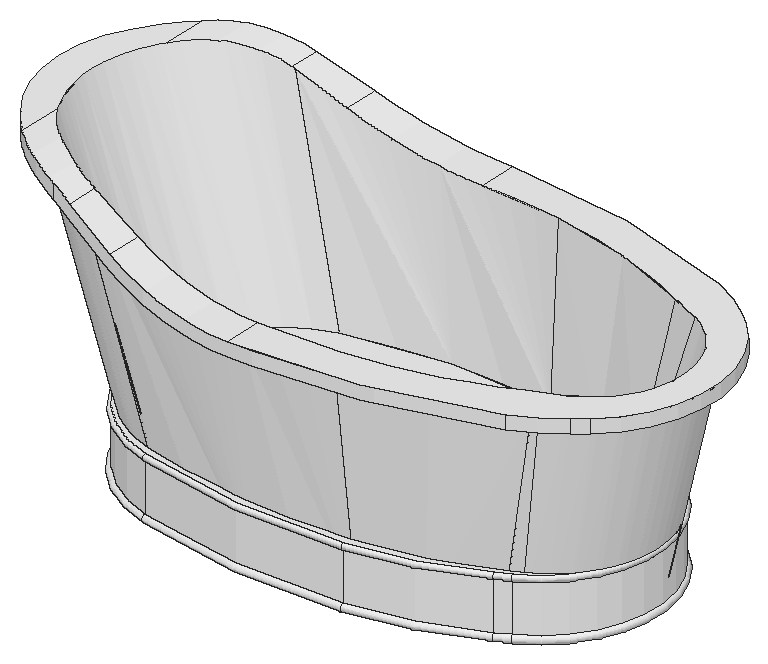
Revit family
Parameters (values of type "D12025004.415")
  Width = 36"
  Waste Connection Radius = 1 1/16"
  Waste Connection Diameter = Waste Connection Radius * 2  # 2 1/8"
  Waste Connection = yes
  WFU = 4
  Vent Connection = no
  URL = "http://www.dxv.com/"
  Revised Date = ""
  Product Page URL = "http://www.dxv.com/en/product/oak-hill-freestanding-soaking-tub#"
  Product Documentation Link = "http://dxv01.blob.core.windows.net/dxv-product-pdf-files/spec_D12025004_DXV_OakHill_freestand_tub_EN.pdf"
  Price = "Prices may vary. Please consult Manufacturer Representative for most up-to-date price list."  # constant formula
  Model = "D12025004"
  Material = "Acrylic-DXV-415-Canvas White"
  Manufacturer = "DXV"
  Length = 66"
  Installation Type = "Floor Mount"
  IAPMO Compliance = "IAPMO Z124"
  Height = 29 3/4"
  HWFU = 3
  HW Connection = yes
  Description = "Freestanding Soaking Tub."
  Default Elevation = 0"
  Creation Date = "12/28/2015"  # constant formula
  CWFU = 3
  CW Connection = yes
  Assembly Code = "D2010510"
  ADA Compliant = no
Reference planes (in)
  plane 1 "Center (Front/Back)": y = 0
  plane 2: z = 0
  plane 3 "Center (Left/Right)": x = 0
  plane 4: z = 29.75
  plane 5: x = -33
  plane 6: x = 33
  plane 7: x = -29.75
  plane 8: x = 29.875
  plane 9: y = 18
  plane 10: y = -18
  plane 11: y = 14.90625
  plane 12: y = -14.90625
  plane 13: x = 16
  plane 14: y = -12.53125
  plane 15: y = 12.53125
  plane 16: x = -22
  plane 17: x = 24.4375
  plane 18: y = 9.78125
  plane 19: y = -9.78125
  plane 20: x = -21.25
  plane 21: x = 25.1875
  plane 22: y = 9.78125
  plane 23: y = -9.78125
  plane 24: y = 0
  plane 25: y = -13.5
  plane 26: y = 8.42494
  plane 27: y = -8.42494
  plane 28: x = 24.75
  plane 29: x = -21.6875
  plane 30: z = 22.74635
  plane 31: z = 20.12135
  plane 32: y = -1.1875
  plane 33: y = 1.1875
Forms (in)
  Extrusion 1, void
    sketch origin (16.15685, 0, 0) x (1, 0, 0) y (0, 1, 0)
      loop
        circle (-0.15685, 0) r 1.0625
    from -31.96802 to 24.98642
  Blend 2, void
    base sketch origin (0, 0, 0) x (1, 0, 0) y (0, 1, 0)
      loop
        arc (-13.49575, 10.95051) -> (-22.02558, 0) -> (-13.49575, -10.95051) r 11.29399
        arc (-13.49575, -10.95051) -> (-3.42819, -12.54432) -> (6.76194, -12.3049) r 56.54746
        arc (6.76194, -12.3049) -> (12.62761, -11.08394) -> (18.17324, -8.81612) r 32.79183
        line (18.17324, -8.81612) -> (19.50719, -8.12221)
        arc (19.50719, -8.12221) -> (24.4375, 0) -> (19.50719, 8.12221) r 9.15543
        line (19.50719, 8.12221) -> (18.17324, 8.81612)
        arc (18.17324, 8.81612) -> (12.62761, 11.08394) -> (6.76194, 12.3049) r 32.79183
        arc (6.76194, 12.3049) -> (-3.42819, 12.54432) -> (-13.49575, 10.95051) r 56.54746
    top sketch origin (0, 0, 0) x (1, 0, 0) y (0, 1, 0)
      loop
        arc (-19.85891, 12.69809) -> (-29.75, 0) -> (-19.85891, -12.69809) r 13.09639
        arc (-19.85891, -12.69809) -> (-6.93233, -14.74452) -> (6.15163, -14.43711) r 72.60602
        arc (6.15163, -14.43711) -> (14.87464, -12.76084) -> (23.24261, -9.78125) r 58.40947
        line (23.24261, -9.78125) -> (27.09351, -8.06992)
        arc (27.09351, -8.06992) -> (32.33817, 0) -> (27.09351, 8.06992) r 8.8309
        line (27.09351, 8.06992) -> (23.24261, 9.78125)
        arc (23.24261, 9.78125) -> (14.87464, 12.76084) -> (6.15163, 14.43711) r 58.40947
        arc (6.15163, 14.43711) -> (-6.93233, 14.74452) -> (-19.85891, 12.69809) r 72.60602
    from 6.62682 to 30.13756
  Blend 3, solid, material "Acrylic-DXV-415-Canvas White", detail levels fine
    base sketch origin (0.75, 0, 0) x (1, 0, 0) y (0, 1, 0)
      loop
        arc (-13.70225, 11.7686) -> (-22.86933, 0) -> (-13.70225, -11.7686) r 12.13774
        arc (-13.70225, -11.7686) -> (-3.48448, -13.38619) -> (6.8577, -13.1432) r 57.39121
        arc (6.8577, -13.1432) -> (12.8743, -11.89082) -> (18.56262, -9.56465) r 33.63558
        line (18.56262, -9.56465) -> (19.89657, -8.87074)
        arc (19.89657, -8.87074) -> (25.28125, 0) -> (19.89657, 8.87074) r 9.99918
        line (19.89657, 8.87074) -> (18.56262, 9.56465)
        arc (18.56262, 9.56465) -> (12.8743, 11.89082) -> (6.8577, 13.1432) r 33.63558
        arc (6.8577, 13.1432) -> (-3.48448, 13.38619) -> (-13.70225, 11.7686) r 57.39121
    top sketch origin (0.75, 0, 0) x (1, 0, 0) y (0, 1, 0)
      loop
        arc (-20.27192, 14.33427) -> (-31.4375, 0) -> (-20.27192, -14.33427) r 14.78389
        arc (-20.27192, -14.33427) -> (-7.0449, -16.42826) -> (6.34316, -16.1137) r 74.29352
        arc (6.34316, -16.1137) -> (15.31818, -14.38901) -> (23.9279, -11.32333) r 60.09697
        line (23.9279, -11.32333) -> (24.31404, -11.15174)
        arc (24.31404, -11.15174) -> (31.56157, 0) -> (24.31404, 11.15174) r 12.20332
        line (24.31404, 11.15174) -> (23.9279, 11.32333)
        arc (23.9279, 11.32333) -> (15.31818, 14.38901) -> (6.34316, 16.1137) r 60.09697
        arc (6.34316, 16.1137) -> (-7.0449, 16.42826) -> (-20.27192, 14.33427) r 74.29352
    from 0.75 to 28.37135
  Extrusion 4, solid, material "Acrylic-DXV-415-Canvas White", detail levels fine
    sketch origin (0, 0, 0) x (1, 0, 0) y (0, 0, 1)
      loop
        line (-33, 29.74635) -> (-33, 28.37135) -> (-27.68477, 28.37135)
        arc (-27.68477, 28.37135) -> (-23.78885, 27.94468) -> (-20.07764, 26.68489) r 18
        line (-20.07764, 26.68489) -> (-15.11227, 24.3695)
        arc (-15.11227, 24.3695) -> (-8.51455, 22.12988) -> (-1.58849, 21.37135) r 32
        line (-1.58849, 21.37135) -> (33, 21.37135) -> (33, 22.74635) -> (-1.58849, 22.74635)
        arc (-1.58849, 22.74635) -> (-8.21695, 23.47229) -> (-14.53117, 25.61568) r 30.625
        line (-14.53117, 25.61568) -> (-19.49654, 27.93107)
        arc (-19.49654, 27.93107) -> (-23.49125, 29.28709) -> (-27.68477, 29.74635) r 19.375
        line (-27.68477, 29.74635) -> (-33, 29.74635)
    from -20.52378 to 20.62754
  Extrusion 5, void
    sketch origin (0, 0, 0) x (1, 0, 0) y (0, 1, 0)
      loop
        arc (-29.75, 9.03125) -> (-33, 0) -> (-29.75, -9.03125) r 14.17323
        line (-29.75, -9.03125) -> (-28.73847, -10.25468)
        arc (-28.73847, -10.25468) -> (-25.50118, -13.17562) -> (-21.56061, -15.0421) r 15
        arc (-21.56061, -15.0421) -> (0.81107, -17.97585) -> (22.91636, -13.45317) r 68.23289
        arc (22.91636, -13.45317) -> (25.22238, -12.32917) -> (27.30315, -10.82867) r 15
        line (27.30315, -10.82867) -> (28.50569, -9.79425)
        arc (28.50569, -9.79425) -> (33, 0) -> (28.50569, 9.79425) r 12.91925
        line (28.50569, 9.79425) -> (27.30315, 10.82867)
        arc (27.30315, 10.82867) -> (25.22238, 12.32917) -> (22.91636, 13.45317) r 15
        arc (22.91636, 13.45317) -> (0.81107, 17.97585) -> (-21.56061, 15.0421) r 68.23289
        arc (-21.56061, 15.0421) -> (-25.50118, 13.17562) -> (-28.73847, 10.25468) r 15
        line (-28.73847, 10.25468) -> (-29.75, 9.03125)
      loop
        line (-39.54137, 22.50847) -> (-39.54137, -23.49153) -> (36.45863, -23.49153) -> (36.45863, 22.50847) -> (-39.54137, 22.50847)
    from 0 to 38.08913
  Extrusion 6, void
    sketch origin (0, 0, 0) x (1, 0, 0) y (0, 0, 1)
      loop
        line (33, 21.74635) -> (33, 35.74635) -> (-33, 35.74635) -> (-33, 28.74635) -> (-27.68477, 28.74635)
        arc (-27.68477, 28.74635) -> (-23.70769, 28.31079) -> (-19.91916, 27.02476) r 18.375
        line (-19.91916, 27.02476) -> (-14.95379, 24.70937)
        arc (-14.95379, 24.70937) -> (-8.43339, 22.49599) -> (-1.58849, 21.74635) r 31.625
        line (-1.58849, 21.74635) -> (33, 21.74635)
    from -22.50847 to 24.89963
  Sweep 7, solid, material "Acrylic-DXV-415-Canvas White", detail levels fine
    path origin (0, 0, 0) x (1, 0, 0) y (0, 1, 0)
      loop
        arc (19.88219, -8.12221) -> (24.8125, 0) -> (19.88219, 8.12221) r 9.15543
        line (19.88219, 8.12221) -> (18.54824, 8.81612)
        arc (18.54824, 8.81612) -> (13.00261, 11.08394) -> (7.13694, 12.3049) r 32.79183
        arc (7.13694, 12.3049) -> (-3.05319, 12.54432) -> (-13.12075, 10.95051) r 56.54746
        arc (-13.12075, 10.95051) -> (-21.65058, 0) -> (-13.12075, -10.95051) r 11.29399
        arc (-13.12075, -10.95051) -> (-3.05319, -12.54432) -> (7.13694, -12.3049) r 56.54746
        arc (7.13694, -12.3049) -> (13.00261, -11.08394) -> (18.54824, -8.81612) r 32.79183
        line (18.54824, -8.81612) -> (19.88219, -8.12221)
    profile origin (24.8125, 0, 0) x (-1, 0, 0) y (0, 0, 1)
      loop
        line (0, 6.1918) -> (-2.36576, 6.1918)
        arc (-2.36576, 6.1918) -> (-2.65391, 5.90366) -> (-2.36576, 5.61551) r 0.28814
        line (-2.36576, 5.61551) -> (-2.36576, 0.75)
        arc (-2.36576, 0.75) -> (-2.74076, 0.375) -> (-2.36576, 0) r 0.375
        line (-2.36576, 0) -> (0, 0) -> (0, 6.1918)
  Extrusion 8, solid, material "Acrylic-DXV-415-Canvas White", detail levels fine
    sketch origin (0, 0, 0) x (1, 0, 0) y (0, 1, 0)
      loop
        arc (-13.12075, 10.95051) -> (-21.65058, 0) -> (-13.12075, -10.95051) r 11.29399
        arc (-13.12075, -10.95051) -> (-3.05319, -12.54432) -> (7.13694, -12.3049) r 56.54746
        arc (7.13694, -12.3049) -> (13.00261, -11.08394) -> (18.54824, -8.81612) r 32.79183
        line (18.54824, -8.81612) -> (19.88219, -8.12221)
        arc (19.88219, -8.12221) -> (24.8125, 0) -> (19.88219, 8.12221) r 9.15543
        line (19.88219, 8.12221) -> (18.54824, 8.81612)
        arc (18.54824, 8.81612) -> (13.00261, 11.08394) -> (7.13694, 12.3049) r 32.79183
        arc (7.13694, 12.3049) -> (-3.05319, 12.54432) -> (-13.12075, 10.95051) r 56.54746
    from 0 to 0.75
  Extrusion 9, void
    sketch origin (0, 21.03956, -4.35127) x (0, 1, 0) y (0, 0, 1)
      loop
        arc (-22.0359, 24.66379) -> (-22.22706, 24.47263) -> (-22.0359, 24.28147) r 0.19116
        line (-22.0359, 24.28147) -> (-20.04323, 24.28147)
        arc (-20.04323, 24.28147) -> (-19.85206, 24.47263) -> (-20.04323, 24.66379) r 0.19116
        line (-20.04323, 24.66379) -> (-22.0359, 24.66379)
      loop
        circle (-22.5359, 24.47263) r 0.125
      loop
        circle (-19.54323, 24.47263) r 0.125
    from 16.46923 to 29.26246
Cuts and joins
  Extrusion 1 cuts Sweep 7
  Extrusion 1, Blend 2, Extrusion 5, Extrusion 6, Extrusion 9 cuts Blend 3
  Extrusion 1, Blend 2, Extrusion 5, Extrusion 9 cuts Extrusion 4
  Extrusion 1, Blend 2, Extrusion 9 cuts Extrusion 8
  joined: Blend 3, Extrusion 4, Extrusion 8
Lines and regions (in)
  Masking region 1
    outline origin (0, 0, 0) x (1, 0, 0) y (0, 1, 0)
      loop
        line (-29.75, -9.03125) -> (-28.73847, -10.25468)
        arc (-28.73847, -10.25468) -> (-25.50118, -13.17562) -> (-21.56061, -15.0421) r 15
        arc (-21.56061, -15.0421) -> (0.81107, -17.97585) -> (22.91636, -13.45317) r 68.23289
        arc (22.91636, -13.45317) -> (25.22238, -12.32917) -> (27.30315, -10.82867) r 15
        line (27.30315, -10.82867) -> (28.50569, -9.79425)
        arc (28.50569, -9.79425) -> (33, 0) -> (28.50569, 9.79425) r 12.91925
        line (28.50569, 9.79425) -> (27.30315, 10.82867)
        arc (27.30315, 10.82867) -> (25.22238, 12.32917) -> (22.91636, 13.45317) r 15
        arc (22.91636, 13.45317) -> (0.81107, 17.97585) -> (-21.56061, 15.0421) r 68.23289
        arc (-21.56061, 15.0421) -> (-25.50118, 13.17562) -> (-28.73847, 10.25468) r 15
        line (-28.73847, 10.25468) -> (-29.75, 9.03125)
        arc (-29.75, 9.03125) -> (-33, 0) -> (-29.75, -9.03125) r 14.17323
  symbolic lines, style "PlumbingFixturesHiddenLines", detail levels medium+fine
    curve 1: circle (16, 0, 0) r 1.0625 normal (0, 0, 1)
    curve 2: arc (24.71438, 8.08371, 0) -> (29.85443, 0, 0) -> (24.71438, -8.08371, 0) r 8.92661
    curve 3: arc (6.3435, 13.76679, 0) -> (14.16828, 12.23365, 0) -> (21.65025, 9.47723, 0) r 50.04489
    curve 4: line (-14.53117, 13.26688, 0) -> (-1.58849, 14.2028, 0)
    curve 5: spline (-19.4928, 12.47502, 0) -> (-19.08085, 12.55198, 0) -> (-18.66859, 12.62696, 0) -> (-18.25604, 12.69994, 0) -> (-17.8432, 12.77092, 0) -> (-17.43009, 12.83992, 0) -> (-17.0167, 12.90691, 0) -> (-16.60305, 12.97191, 0) -> (-16.18915, 13.03491, 0) -> (-15.77501, 13.0959, 0) -> (-15.36062, 13.1549, 0) -> (-14.94601, 13.21189, 0) -> (-14.53117, 13.26688, 0)
    curve 6: line (-27.68477, 6.84548, 0) -> (-19.4928, 12.47502, 0)
    curve 7: arc (-27.68477, -6.84548, 0) -> (-29.62147, 0, 0) -> (-27.68477, 6.84548, 0) r 13.0664
    curve 8: line (-19.49654, -12.47245, 0) -> (-27.68477, -6.84548, 0)
    curve 9: line (-1.58849, -14.2028, 0) -> (-19.49654, -12.47245, 0)
    curve 10: arc (6.3435, -13.76679, 0) -> (2.38392, -14.10149, 0) -> (-1.58849, -14.2028, 0) r 67.5576
    curve 11: arc (21.65025, -9.47723, 0) -> (14.16828, -12.23365, 0) -> (6.3435, -13.76679, 0) r 50.04489
    curve 12: arc (-1.58849, 14.2028, 0) -> (2.38392, 14.10149, 0) -> (6.3435, 13.76679, 0) r 67.5576
    curve 13: line (21.65025, 9.47723, 0) -> (24.71438, 8.08371, 0)
    curve 14: line (24.71438, -8.08371, 0) -> (21.65025, -9.47723, 0)
  symbolic lines, style "PlumbingFixturesHiddenLines", detail levels fine
    curve 15: arc (19.50719, -8.12221, 0) -> (24.4375, 0, 0) -> (19.50719, 8.12221, 0) r 9.15543
    curve 16: arc (18.17324, 8.81612, 0) -> (12.62761, 11.08394, 0) -> (6.76194, 12.3049, 0) r 32.79183
    curve 17: line (19.50719, 8.12221, 0) -> (18.17324, 8.81612, 0)
    curve 18: line (18.17324, -8.81612, 0) -> (19.50719, -8.12221, 0)
    curve 19: arc (6.76194, -12.3049, 0) -> (12.62761, -11.08394, 0) -> (18.17324, -8.81612, 0) r 32.79183
    curve 20: arc (6.76194, 12.3049, 0) -> (-3.42819, 12.54432, 0) -> (-13.49575, 10.95051, 0) r 56.54746
    curve 21: arc (-13.49575, -10.95051, 0) -> (-3.42819, -12.54432, 0) -> (6.76194, -12.3049, 0) r 56.54746
    curve 22: arc (-13.49575, 10.95051, 0) -> (-21.65053, 0, 0) -> (-13.49575, -10.95051, 0) r 11.42974
Dimensions and locks (in)
  plane 4 to plane 2 = 29 3/4"
  "Length": plane 5 to plane 6
  "Height": plane 4 to level
  plane 5 to plane 7 = 3 1/4"
  locked: plane 8 to plane 7 at 59.625
  plane 11 to plane 12 = 29 13/16"
  "Width": plane 9 to plane 10
  plane 13 to plane 6 = 17"
  plane 8 to plane 6 = 3 1/8"
  plane 10 to plane 1 "Center (Front/Back)" = 18"
  plane 32 to plane 33 = 2 3/8"
  plane 31 to plane 30 = 2 5/8"
Automatic sketch dimensions
  plane 1 "Center (Front/Back)" to Extrusion 1 sketch curve = 0"
  Extrusion 1 sketch curve to plane 13 = 0"
  plane 1 "Center (Front/Back)" to Blend 2 sketch curve = 0"  (x4)
  Blend 2 sketch curve to plane 15 = 1.58074"
  plane 29 to Blend 2 sketch curve = 8.19175"
  Blend 2 sketch curve to Blend 2 sketch curve = 0"  (x4)
  Blend 2 sketch curve to plane 14 = 1.58074"
  Blend 2 sketch curve to plane 3 "Center (Left/Right)" = 13.49575"
  Blend 2 sketch curve to plane 3 "Center (Left/Right)" = 10.73158"
  plane 3 "Center (Left/Right)" to Blend 2 sketch curve = 0.34405"  (x2)
  plane 9 to Blend 2 sketch curve = 2.27504"
  plane 3 "Center (Left/Right)" to Blend 2 sketch curve = 3.04021"  (x2)
  plane 10 to Blend 2 sketch curve = 2.27504"
  Blend 2 sketch curve to plane 13 = 0.71793"
  plane 13 to Blend 2 sketch curve = 2.17324"  (x2)
  Blend 2 sketch curve to Blend 2 sketch curve = 1.33395"  (x2)
  Blend 2 sketch curve to Blend 2 sketch curve = 0.69391"
  Blend 2 sketch curve to plane 18 = 0"
  plane 19 to Blend 2 sketch curve = 0"
  plane 15 to Blend 2 sketch curve = 0.16684"
  plane 29 to Blend 2 sketch curve = 1.82859"
  plane 14 to Blend 2 sketch curve = 0.16684"
  Blend 2 sketch curve to plane 3 "Center (Left/Right)" = 19.85891"
  Blend 2 sketch curve to Blend 2 sketch curve = 3.2053"
  Blend 2 sketch curve to plane 3 "Center (Left/Right)" = 2.08883"  (x2)
  Blend 2 sketch curve to plane 3 "Center (Left/Right)" = 0.47758"  (x2)
  Blend 2 sketch curve to plane 11 = 0.46914"
  plane 3 "Center (Left/Right)" to Blend 2 sketch curve = 6.15163"  (x2)
  Blend 2 sketch curve to plane 12 = 0.46914"
  Blend 2 sketch curve to plane 28 = 1.24273"
  plane 28 to Blend 2 sketch curve = 2.34351"  (x2)
  Blend 2 sketch curve to plane 19 = 1.71133"
  plane 1 "Center (Front/Back)" to Blend 3 sketch curve = 0"  (x4)
  Blend 3 sketch curve to plane 15 = 0.76265"
  plane 20 to Blend 3 sketch curve = 8.29775"
  Blend 3 sketch curve to Blend 3 sketch curve = 0"  (x5)
  Blend 3 sketch curve to plane 14 = 0.76265"
  Blend 3 sketch curve to plane 3 "Center (Left/Right)" = 12.95225"
  Blend 3 sketch curve to plane 3 "Center (Left/Right)" = 9.98158"
  plane 3 "Center (Left/Right)" to Blend 3 sketch curve = 1.09405"  (x2)
  plane 9 to Blend 3 sketch curve = 2.27504"
  plane 3 "Center (Left/Right)" to Blend 3 sketch curve = 3.79021"  (x2)
  plane 10 to Blend 3 sketch curve = 2.27504"
  plane 13 to Blend 3 sketch curve = 0.03207"
  Blend 3 sketch curve to plane 14 = 2.9666"
  Blend 3 sketch curve to plane 15 = 2.9666"
  Blend 3 sketch curve to Blend 3 sketch curve = 1.33395"  (x2)
  Blend 3 sketch curve to Blend 3 sketch curve = 0.69391"
  Blend 3 sketch curve to plane 11 = 0.57198"
  plane 29 to Blend 3 sketch curve = 2.16558"
  Blend 3 sketch curve to plane 12 = 0.57198"
  Blend 3 sketch curve to plane 3 "Center (Left/Right)" = 19.52192"
  Blend 3 sketch curve to Blend 3 sketch curve = 3.61831"
  Blend 3 sketch curve to plane 3 "Center (Left/Right)" = 1.33883"  (x2)
  plane 3 "Center (Left/Right)" to Blend 3 sketch curve = 0.27242"  (x2)
  plane 11 to Blend 3 sketch curve = 1.20745"
  plane 12 to Blend 3 sketch curve = 1.20745"
  plane 3 "Center (Left/Right)" to Blend 3 sketch curve = 7.09316"
  plane 13 to Blend 3 sketch curve = 4.10824"
  Blend 3 sketch curve to plane 28 = 0.0721"  (x2)
  plane 28 to Blend 3 sketch curve = 0.31404"  (x2)
  Blend 3 sketch curve to Blend 3 sketch curve = 0.1716"
  Extrusion 4 sketch curve to Extrusion 4 sketch curve = 0"  (x4)
  plane 5 to Extrusion 4 sketch curve = 0"
  plane 6 to Extrusion 4 sketch curve = 0"
  plane 7 to Extrusion 4 sketch curve = 2.06523"
  plane 29 to Extrusion 4 sketch curve = 1.60986"
  Extrusion 4 sketch curve to Extrusion 4 sketch curve = 0.5811"  (x2)
  Extrusion 4 sketch curve to Extrusion 4 sketch curve = 4.96537"
  Extrusion 4 sketch curve to plane 3 "Center (Left/Right)" = 1.58849"
  level to Extrusion 4 sketch curve = 10.37135"
  Extrusion 4 sketch curve to plane 4 = 8.37865"
  Extrusion 4 sketch curve to Extrusion 4 sketch curve = 1 3/8"
  Extrusion 4 sketch curve to Extrusion 4 sketch curve = 1.62315"
  Extrusion 4 sketch curve to plane 4 = 3.06511"
  Extrusion 4 sketch curve to Extrusion 4 sketch curve = 1.24617"
  Extrusion 5 sketch curve to plane 7 = 0"  (x2)
  plane 1 "Center (Front/Back)" to Extrusion 5 sketch curve = 0"  (x2)
  plane 5 to Extrusion 5 sketch curve = 6.54137"
  plane 7 to Extrusion 5 sketch curve = 1.01153"  (x2)
  plane 29 to Extrusion 5 sketch curve = 0.12689"  (x2)
  Extrusion 5 sketch curve to Extrusion 5 sketch curve = 0"  (x5)
  plane 29 to Extrusion 5 sketch curve = 2.86073"
  plane 1 "Center (Front/Back)" to Extrusion 5 sketch curve = 0.69661"
  Extrusion 5 sketch curve to Extrusion 5 sketch curve = 1.64872"
  Extrusion 5 sketch curve to plane 1 "Center (Front/Back)" = 0.69661"
  Extrusion 5 sketch curve to plane 3 "Center (Left/Right)" = 1 5/8"  (x2)
  plane 1 "Center (Front/Back)" to Extrusion 5 sketch curve = 0.54303"
  plane 13 to Extrusion 5 sketch curve = 1.5213"
  Extrusion 5 sketch curve to plane 1 "Center (Front/Back)" = 0.54303"
  Extrusion 5 sketch curve to Extrusion 5 sketch curve = 2.55945"
  plane 1 "Center (Front/Back)" to Extrusion 5 sketch curve = 13.45317"
  plane 15 to Extrusion 5 sketch curve = 0.92192"
  Extrusion 5 sketch curve to Extrusion 5 sketch curve = 2.83561"
  Extrusion 5 sketch curve to plane 14 = 1.70258"
  Extrusion 5 sketch curve to plane 15 = 1.70258"
  plane 8 to Extrusion 5 sketch curve = 1.36931"  (x2)
  Extrusion 5 sketch curve to plane 6 = 3.45863"
  plane 10 to Extrusion 5 sketch curve = 5.49153"
  plane 27 to Extrusion 5 sketch curve = 1.36931"
  plane 27 to Extrusion 5 sketch curve = 0.60631"
  plane 9 to Extrusion 5 sketch curve = 4.50847"
  plane 5 to Extrusion 6 sketch curve = 0"
  plane 6 to Extrusion 6 sketch curve = 0"
  plane 7 to Extrusion 6 sketch curve = 2.06523"
  plane 29 to Extrusion 6 sketch curve = 1.76834"
  Extrusion 6 sketch curve to Extrusion 6 sketch curve = 4.96537"
  Extrusion 6 sketch curve to plane 3 "Center (Left/Right)" = 1.58849"
  level to Extrusion 6 sketch curve = 10.37135"
  Extrusion 6 sketch curve to plane 4 = 8.00365"
  Extrusion 6 sketch curve to Extrusion 6 sketch curve = 2.96302"
  Extrusion 6 sketch curve to plane 4 = 2.72524"
  plane 4 to Extrusion 6 sketch curve = 5.99635"
  plane 1 "Center (Front/Back)" to Sweep 7 sketch curve = 0"  (x2)
  Sweep 7 sketch curve to plane 14 = 1.58074"
  plane 29 to Sweep 7 sketch curve = 8.56675"
  Sweep 7 sketch curve to plane 1 "Center (Front/Back)" = 10.95051"
  Sweep 7 sketch curve to Sweep 7 sketch curve = 0"  (x4)
  Sweep 7 sketch curve to plane 3 "Center (Left/Right)" = 10.35658"
  plane 3 "Center (Left/Right)" to Sweep 7 sketch curve = 0.71905"  (x2)
  plane 9 to Sweep 7 sketch curve = 2.27504"
  plane 3 "Center (Left/Right)" to Sweep 7 sketch curve = 3.41521"  (x2)
  plane 10 to Sweep 7 sketch curve = 2.27504"
  Sweep 7 sketch curve to plane 13 = 0.34293"
  plane 13 to Sweep 7 sketch curve = 2.54824"  (x2)
  Sweep 7 sketch curve to Sweep 7 sketch curve = 1.33395"  (x2)
  Sweep 7 sketch curve to Sweep 7 sketch curve = 0.69391"
  Sweep 7 sketch curve to level = 0"
  Sweep 7 sketch curve to profile plane = 0"
  Sweep 7 sketch curve to Sweep 7 sketch curve = 2.36576"
  level to Sweep 7 sketch curve = 3/8"
  Sweep 7 sketch curve to Sweep 7 sketch curve = 4.86551"
  Sweep 7 sketch curve to Sweep 7 sketch curve = 0.28814"
  plane 1 "Center (Front/Back)" to Extrusion 8 sketch curve = 0"  (x2)
  Extrusion 8 sketch curve to plane 15 = 1.58074"
  plane 29 to Extrusion 8 sketch curve = 8.56675"
  plane 1 "Center (Front/Back)" to Extrusion 8 sketch curve = 10.95051"
  Extrusion 8 sketch curve to Extrusion 8 sketch curve = 0"  (x4)
  Extrusion 8 sketch curve to plane 3 "Center (Left/Right)" = 10.35658"
  plane 3 "Center (Left/Right)" to Extrusion 8 sketch curve = 0.71905"  (x2)
  plane 10 to Extrusion 8 sketch curve = 2.27504"
  plane 3 "Center (Left/Right)" to Extrusion 8 sketch curve = 3.41521"  (x2)
  plane 9 to Extrusion 8 sketch curve = 2.27504"
  Extrusion 8 sketch curve to plane 13 = 0.34293"
  plane 13 to Extrusion 8 sketch curve = 2.54824"  (x2)
  Extrusion 8 sketch curve to Extrusion 8 sketch curve = 1.33395"  (x2)
  Extrusion 8 sketch curve to Extrusion 8 sketch curve = 0.69391"
  Masking region 1 sketch curve to plane 7 = 0"  (x2)
  plane 1 "Center (Front/Back)" to Masking region 1 sketch curve = 0"  (x2)
  plane 7 to Masking region 1 sketch curve = 1.01153"  (x2)
  plane 29 to Masking region 1 sketch curve = 0.12689"  (x2)
  Masking region 1 sketch curve to Masking region 1 sketch curve = 0"  (x5)
  plane 29 to Masking region 1 sketch curve = 2.86073"
  Masking region 1 sketch curve to plane 1 "Center (Front/Back)" = 0.69661"
  Masking region 1 sketch curve to Masking region 1 sketch curve = 1.64872"
  Masking region 1 sketch curve to plane 3 "Center (Left/Right)" = 1 5/8"  (x2)
  plane 15 to Masking region 1 sketch curve = 0.92192"
  Masking region 1 sketch curve to plane 28 = 1.83364"
  Masking region 1 sketch curve to plane 14 = 3 1/2"
  plane 1 "Center (Front/Back)" to Masking region 1 sketch curve = 0.54303"
  Masking region 1 sketch curve to plane 15 = 1.70258"
  Masking region 1 sketch curve to plane 1 "Center (Front/Back)" = 0.54303"
  Masking region 1 sketch curve to Masking region 1 sketch curve = 2.55945"
  plane 14 to Masking region 1 sketch curve = 0.92192"
  Masking region 1 sketch curve to Masking region 1 sketch curve = 2.83561"
  Masking region 1 sketch curve to plane 14 = 1.70258"
  plane 8 to Masking region 1 sketch curve = 1.36931"  (x2)
  Masking region 1 sketch curve to Masking region 1 sketch curve = 1.03442"
  plane 1 "Center (Front/Back)" to Masking region 1 sketch curve = 0.69661"
  plane 1 "Center (Front/Back)" to curve 7 = 0"
  plane 1 "Center (Front/Back)" to curve 22 = 0"
  plane 1 "Center (Front/Back)" to curve 15 = 0"
  plane 1 "Center (Front/Back)" to curve 1 = 0"
  curve 1 to plane 13 = 0"
  plane 1 "Center (Front/Back)" to curve 2 = 0"
  curve 15 to curve 1 = 0.71793"
  curve 21 to plane 14 = 0.22635"
  plane 3 "Center (Left/Right)" to curve 21 = 6.76194"
  curve 16 to plane 15 = 0.22635"
  plane 3 "Center (Left/Right)" to curve 16 = 6.76194"
  curve 20 to curve 16 = 0"
  curve 19 to curve 21 = 0"
  curve 12 to curve 16 = 0.41844"
  curve 10 to curve 19 = 0.41844"
  curve 3 to curve 12 = 0"
  curve 11 to curve 10 = 0"
  plane 3 "Center (Left/Right)" to curve 16 = 3.04021"
  plane 3 "Center (Left/Right)" to curve 19 = 3.04021"
  plane 3 "Center (Left/Right)" to curve 11 = 0.66398"
  plane 3 "Center (Left/Right)" to curve 3 = 0.66398"
  plane 3 "Center (Left/Right)" to curve 20 = 0.34405"
  plane 3 "Center (Left/Right)" to curve 21 = 0.34405"
  curve 12 to plane 3 "Center (Left/Right)" = 1.32399"
  curve 10 to plane 3 "Center (Left/Right)" = 1.32399"
  curve 10 to plane 12 = 0.70345"
  curve 10 to plane 3 "Center (Left/Right)" = 1.58849"
  curve 4 to plane 11 = 0.70345"
  curve 4 to plane 3 "Center (Left/Right)" = 1.58849"
  curve 5 to curve 4 = 1.7683"
  curve 22 to plane 3 "Center (Left/Right)" = 10.22079"
  plane 15 to curve 4 = 0.73563"
  curve 4 to curve 20 = 1.03542"
  plane 29 to curve 7 = 5.13243"
  curve 6 to plane 15 = 0.05623"
  curve 6 to curve 5 = 4.96163"
  curve 8 to plane 14 = 0.0588"
  plane 29 to curve 8 = 2.19096"
  plane 7 to curve 8 = 2.06523"
  plane 7 to curve 7 = 2.06523"
  plane 13 to curve 19 = 2.17324"
  plane 13 to curve 16 = 2.17324"
  curve 16 to curve 15 = 1.33395"
  curve 19 to curve 15 = 1.33395"
  curve 2 to plane 28 = 3.82218"
  curve 15 to curve 3 = 2.14307"
  curve 18 to curve 14 = 2.14307"
  curve 2 to plane 28 = 0.03562"
  curve 13 to plane 28 = 0.03562"
  plane 10 to curve 16 = 2.27504"
  curve 20 to curve 3 = 7.92239"
  curve 12 to curve 20 = 9.47711"
  curve 5 to curve 12 = 37.93962"
  curve 10 to curve 19 = 1.46189"
  curve 10 to curve 11 = 0"
  curve 11 to curve 19 = 0.66111"
  curve 19 to curve 15 = 0.69391"
  curve 11 to curve 2 = 1.39352"
  curve 7 to plane 14 = 5.68577"
  curve 15 to curve 13 = 1.35502"
  curve 6 to curve 6 = 8.19196"
  curve 22 to plane 14 = 1.58074"
  Extrusion 9 sketch curve to plane 9 = 19.49634"
  Extrusion 9 sketch curve to Extrusion 9 sketch curve = 1/2"  (x2)
  Extrusion 9 sketch curve to Extrusion 9 sketch curve = 1.99268"
  plane 31 to Extrusion 9 sketch curve = 0.19116"
  Extrusion 9 sketch curve to Extrusion 9 sketch curve = 0.19116"
  Extrusion 9 sketch curve to Extrusion 9 sketch curve = 0"  (x2)
  radius of Extrusion 1 sketch curve = 1 1/16"
  radius of curve 1 = 1 1/16"
  radius of Extrusion 9 sketch curve = 1/8"  (x2)
Connectors (in)
  piping at (16, 0, 0), driven by "Waste Connection Radius", driven by "WFU"
    settings: on cut or joined group of Extrusion 1, Blend 2, Blend 3, Extrusion 4, Extrusion 5, Extrusion 6, Extrusion 8, Extrusion 9, index 1
